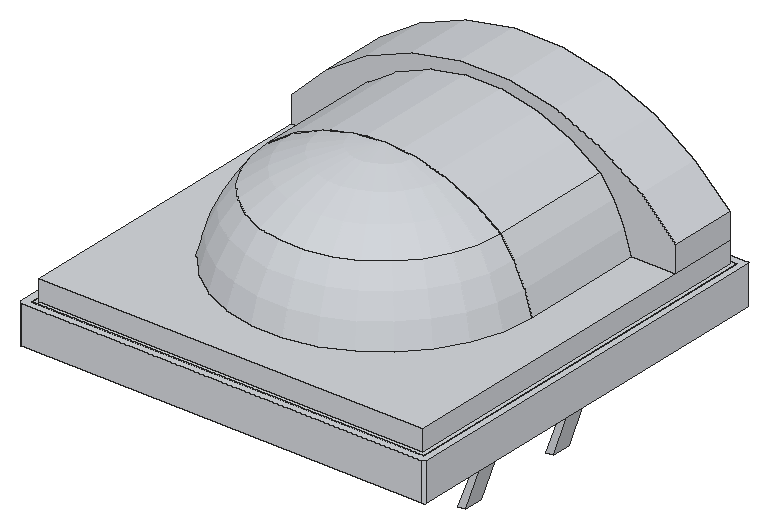
Revit family "Gira_537503", category Electrical Fixtures, host Face, Revit 2017
Family settings
  Host = Face
  Maintain Annotation Orientation = Yes
  Round Connector Dimension = Use Diameter
  Part Type = Normal
  Cut with Voids When Loaded = No
  Shared = No
  Room Calculation Point = No
Parameters (values of type "S3000 Beweg.m.aufs. 2,20 m Standard System 55 Reinweiß")
  Werkstoffgüte = "sonstige"
  Werkstoff = "sonstige"
  Vernetzbar = "No"
  Unterkriechschutz/Rückfeldüberwachung = "No"
  URL = "http://katalog.gira.de/de_DE/datenblatt.html?artikelnr=537503"
  Treppenhausüberwachung = "Yes"
  Tierschneise = "No"
  Teach-Funktion für Ansprechhelligkeit = "No"
  Region = "DE"
  RAL-Nummer (ähnlich) = "9010 "
  Name = "S3000 Beweg.m.aufs. 2,20 m Standard System 55 Reinweiß"
  Montagehöhe = "2,2 m"
  Montageart = "unter Putz"
  Max. Reichweite zu einer Seite = "3 m"
  Max. Reichweite frontal = "12 m"
  Max. Einschaltdauer = "120 s"
  Manufacturer URL = "https://www.gira.de/"
  Konstantlichtregelung = "No"
  Keynote = "Bewegungsmelder_2,20m"
  HeinzeBIM = "https://bimportal.heinze.de/bim/s3000-beweg-m-aufs-2-20-m-standard-system-55-reinweiss/e23ca67f1e0fbd2a4954b81b021c0205fb3cc433"
  Halogenfrei = "Yes"
  HLK-Ansteuerung = "No"
  HAN = "537503"
  Geeignet für drahtlose Übertragung = "No"
  Geeignet für Schutzart (IP) = "IP20"
  GTIN = "4010337051145"
  Farbe = "weiß"
  Erfassungswinkel horizontal = "1 - 180"
  Default Elevation = 1219.2 mm
  Data sheet (1) = "https://katalog.gira.de/de_DE/download.html?artikelnr=537503"
  Category = "Bewegungsmelder-Sensor"
  Available = "Yes"
  Ausführung = "Bewegungsmelder"
  Ansprechhelligkeit einstellbar = "No"
  Ansprechempfindlichkeit einstellbar = "Yes"
Reference planes
  plane 1 "Center (Front/Back)": y = 0
  plane 2: z = 0
  plane 3 "Center (Left/Right)": x = 0
Forms (mm)
  Extrusion 1, solid, detail levels fine
    sketch origin (0, 0, 0) x (1, 0, 0) y (0, 0, 1)
      loop
        line (-33.25, 14.602) -> (-33.25, 10.1) -> (33.25, 10.1) -> (33.25, 14.602)
        arc (33.25, 14.602) -> (0, 30.256) -> (-33.25, 14.602) r 43.139
    from -33.25 to -21.609
  Extrusion 2, solid, detail levels fine
    sketch origin (0, 0, 0) x (1, 0, 0) y (0, 1, 0)
      loop
        line (-33.25, 33.25) -> (-33.25, -33.25) -> (33.25, -33.25) -> (33.25, 33.25) -> (-33.25, 33.25)
    from 6.6 to 10.1
  Extrusion 3, solid, detail levels fine
    sketch origin (0, 0, 0) x (1, 0, 0) y (0, 0, 1)
      loop
        arc (20.138, 21.225) -> (0, 28.457) -> (-20.138, 21.225) r 31.652
        arc (-20.138, 21.225) -> (-23.48, 15.984) -> (-25.486, 10.1) r 26.053
        line (-25.486, 10.1) -> (25.486, 10.1)
        arc (25.486, 10.1) -> (23.48, 15.984) -> (20.138, 21.225) r 26.053
    from -21.609 to 0
  Revolve 4, solid, detail levels fine
    sketch origin (0, 0, 0) x (1, 0, 0) y (0, 0, 1)
      loop
        arc (0, 28.457) -> (-10.699, 26.594) -> (-20.138, 21.225) r 31.652
        arc (-20.138, 21.225) -> (-23.48, 15.984) -> (-25.486, 10.1) r 26.053
        line (-25.486, 10.1) -> (0, 10.1) -> (0, 28.457)
      axis (0, 28.457) -> (0, 10.1)
    angle from -180 to 0
  Extrusion 5, solid, detail levels fine
    sketch origin (0, 0, 0) x (1, 0, 0) y (0, 1, 0)
      loop
        spline (-34.7, 35.2) -> (-34.765, 35.196) -> (-34.829, 35.183) -> (-34.891, 35.162) -> (-34.95, 35.133) -> (-35.004, 35.097) -> (-35.054, 35.054) -> (-35.097, 35.004) -> (-35.133, 34.95) -> (-35.162, 34.891) -> (-35.183, 34.829) -> (-35.196, 34.765) -> (-35.2, 34.7)
        line (-35.2, 34.7) -> (-35.2, -34.7)
        spline (-35.2, -34.7) -> (-35.196, -34.765) -> (-35.183, -34.829) -> (-35.162, -34.891) -> (-35.133, -34.95) -> (-35.097, -35.004) -> (-35.054, -35.054) -> (-35.004, -35.097) -> (-34.95, -35.133) -> (-34.891, -35.162) -> (-34.829, -35.183) -> (-34.765, -35.196) -> (-34.7, -35.2)
        line (-34.7, -35.2) -> (34.7, -35.2)
        spline (34.7, -35.2) -> (34.765, -35.196) -> (34.829, -35.183) -> (34.891, -35.162) -> (34.95, -35.133) -> (35.004, -35.097) -> (35.054, -35.054) -> (35.097, -35.004) -> (35.133, -34.95) -> (35.162, -34.891) -> (35.183, -34.829) -> (35.196, -34.765) -> (35.2, -34.7)
        line (35.2, -34.7) -> (35.2, 34.7)
        spline (35.2, 34.7) -> (35.196, 34.765) -> (35.183, 34.829) -> (35.162, 34.891) -> (35.133, 34.95) -> (35.097, 35.004) -> (35.054, 35.054) -> (35.004, 35.097) -> (34.95, 35.133) -> (34.891, 35.162) -> (34.829, 35.183) -> (34.765, 35.196) -> (34.7, 35.2)
        line (34.7, 35.2) -> (-34.7, 35.2)
      loop
        line (-33.986, 33.986) -> (-33.986, -33.986) -> (33.986, -33.986) -> (33.986, 33.986) -> (-33.986, 33.986)
    from 0 to 6.6
  Extrusion 6, solid, detail levels fine
    sketch origin (0, 0, 0) x (1, 0, 0) y (0, 1, 0)
      loop
        line (-33.986, 33.986) -> (-33.986, -33.986) -> (33.986, -33.986) -> (33.986, 33.986) -> (-33.986, 33.986)
    from 5 to 6.6
  Extrusion 7, solid
    sketch origin (0, 0, 0) x (1, 0, 0) y (0, 1, 0)
      loop
        line (-23.656, 22.752) -> (-23.656, -22.748)
        arc (-23.656, -22.748) -> (-23.409, -23.369) -> (-22.801, -23.65) r 0.904
        line (-22.801, -23.65) -> (22.796, -23.65)
        arc (22.796, -23.65) -> (23.404, -23.369) -> (23.656, -22.748) r 0.904
        line (23.656, -22.748) -> (23.652, 22.752)
        arc (23.652, 22.752) -> (23.404, 23.374) -> (22.796, 23.655) r 0.904
        line (22.796, 23.655) -> (-22.801, 23.655)
        arc (-22.801, 23.655) -> (-23.409, 23.374) -> (-23.656, 22.752) r 0.904
    from -3.2 to 5
  Extrusion 8, solid, detail levels fine
    sketch origin (0, 0, 0) x (1, 0, 0) y (0, 1, 0)
      loop
        line (-27.334, -25) -> (-26.366, -25) -> (-26.366, 26.298) -> (26.366, 26.298) -> (26.366, -25) -> (27.334, -25) -> (27.334, 27.402) -> (-27.334, 27.402) -> (-27.334, -25)
    from -1.1 to 5
  Extrusion 9, solid, detail levels fine
    sketch origin (0, 0, 0) x (1, 0, 0) y (0, 1, 0)
      loop
        line (-5.141, 20.682) -> (-5.141, 15.098)
        spline (-5.141, 15.098) -> (-5.133, 14.968) -> (-5.107, 14.84) -> (-5.065, 14.716) -> (-5.007, 14.599) -> (-4.935, 14.49) -> (-4.849, 14.391) -> (-4.75, 14.305) -> (-4.641, 14.233) -> (-4.524, 14.175) -> (-4.4, 14.133) -> (-4.272, 14.107) -> (-4.142, 14.099)
        line (-4.142, 14.099) -> (4.142, 14.099)
        spline (4.142, 14.099) -> (4.272, 14.107) -> (4.4, 14.133) -> (4.524, 14.175) -> (4.641, 14.233) -> (4.75, 14.305) -> (4.849, 14.391) -> (4.935, 14.49) -> (5.007, 14.599) -> (5.065, 14.716) -> (5.107, 14.84) -> (5.133, 14.968) -> (5.141, 15.098)
        line (5.141, 15.098) -> (5.141, 20.682)
        spline (5.141, 20.682) -> (5.133, 20.812) -> (5.107, 20.94) -> (5.065, 21.064) -> (5.007, 21.181) -> (4.935, 21.29) -> (4.849, 21.389) -> (4.75, 21.475) -> (4.641, 21.547) -> (4.524, 21.605) -> (4.4, 21.647) -> (4.272, 21.673) -> (4.142, 21.681)
        line (4.142, 21.681) -> (-4.142, 21.681)
        spline (-4.142, 21.681) -> (-4.272, 21.673) -> (-4.4, 21.647) -> (-4.524, 21.605) -> (-4.641, 21.547) -> (-4.75, 21.475) -> (-4.849, 21.389) -> (-4.935, 21.29) -> (-5.007, 21.181) -> (-5.065, 21.064) -> (-5.107, 20.94) -> (-5.133, 20.812) -> (-5.141, 20.682)
    from -19.6 to -3.2
  Extrusion 10, solid, detail levels fine
    sketch origin (0, 0, 0) x (1, 0, 0) y (0, 0, 1)
      loop
        line (-24.966, -3.825) -> (-25.395, -8.726) -> (-23.048, -15.543) -> (-21.665, -15.713) -> (-24.338, -8.563) -> (-23.422, -1.1) -> (-25.014, -1.1) -> (-24.966, -3.825)
      loop
        line (24.966, -3.825) -> (25.014, -1.1) -> (23.422, -1.1) -> (24.338, -8.563) -> (21.665, -15.713) -> (23.048, -15.543) -> (25.395, -8.726) -> (24.966, -3.825)
    from -11.1 to -7.9
  Extrusion 11, solid, detail levels fine
    sketch origin (0, 0, 0) x (1, 0, 0) y (0, 0, -1)
      loop
        line (-24.966, 3.825) -> (-25.014, 1.1) -> (-23.422, 1.1) -> (-24.338, 8.563) -> (-21.665, 15.713) -> (-23.048, 15.543) -> (-25.395, 8.726) -> (-24.966, 3.825)
      loop
        line (24.966, 3.825) -> (25.395, 8.726) -> (23.048, 15.543) -> (21.665, 15.713) -> (24.338, 8.563) -> (23.422, 1.1) -> (25.014, 1.1) -> (24.966, 3.825)
    from -11.1 to -7.9
  Extrusion 12, solid
    sketch origin (0, 0, 0) x (1, 0, 0) y (0, 1, 0)
      loop
        line (-23.656, 22.752) -> (-23.656, -22.748)
        arc (-23.656, -22.748) -> (-23.409, -23.369) -> (-22.801, -23.65) r 0.904
        line (-22.801, -23.65) -> (22.796, -23.65)
        arc (22.796, -23.65) -> (23.404, -23.369) -> (23.656, -22.748) r 0.904
        line (23.656, -22.748) -> (23.652, 22.752)
        arc (23.652, 22.752) -> (23.404, 23.374) -> (22.796, 23.655) r 0.904
        line (22.796, 23.655) -> (-22.801, 23.655)
        arc (-22.801, 23.655) -> (-23.409, 23.374) -> (-23.656, 22.752) r 0.904
    from -3.2 to 5
  Extrusion 13, solid, detail levels medium
    sketch origin (0, 0, 0) x (1, 0, 0) y (0, 1, 0)
      loop
        line (-35.2, 35.2) -> (-35.2, -35.2) -> (35.2, -35.2) -> (35.2, 35.2) -> (-35.2, 35.2)
    from 0 to 6.6
  Extrusion 14, solid, detail levels medium
    sketch origin (0, 0, 0) x (1, 0, 0) y (0, 1, 0)
      loop
        line (-33.25, 33.25) -> (-33.25, -33.25) -> (33.25, -33.25) -> (33.25, 33.25) -> (-33.25, 33.25)
    from 6.6 to 30.256
  Extrusion 15, solid, detail levels medium
    sketch origin (0, 0, 0) x (1, 0, 0) y (0, 1, 0)
      loop
        line (-23.656, 23.655) -> (-23.656, -23.65) -> (23.656, -23.65) -> (23.656, 23.655) -> (-23.656, 23.655)
    from -3.2 to 5
  Extrusion 16, solid, detail levels medium
    sketch origin (0, 0, 0) x (1, 0, 0) y (0, 0, 1)
      loop
        line (-25.014, -1.1) -> (-25.014, -15.713) -> (-21.665, -15.713) -> (-21.665, -1.1) -> (-25.014, -1.1)
      loop
        line (25.014, -1.1) -> (21.665, -1.1) -> (21.665, -15.713) -> (25.014, -15.713) -> (25.014, -1.1)
    from -11.1 to -7.9
  Extrusion 17, solid, detail levels medium
    sketch origin (0, 0, 0) x (1, 0, 0) y (0, 0, -1)
      loop
        line (-25.014, 1.1) -> (-21.665, 1.1) -> (-21.665, 15.713) -> (-25.014, 15.713) -> (-25.014, 1.1)
      loop
        line (25.014, 1.1) -> (25.014, 15.713) -> (21.665, 15.713) -> (21.665, 1.1) -> (25.014, 1.1)
    from -11.1 to -7.9
  Extrusion 18, solid, detail levels medium
    sketch origin (0, 0, 0) x (1, 0, 0) y (0, 1, 0)
      loop
        line (-5.141, 14.099) -> (5.141, 14.099) -> (5.141, 21.681) -> (-5.141, 21.681) -> (-5.141, 14.099)
    from -19.6 to -3.2
  Extrusion 19, solid, detail levels coarse
    sketch origin (0, 0, 0) x (1, 0, 0) y (0, 1, 0)
      loop
        line (-35.2, 35.2) -> (-35.2, -35.2) -> (35.2, -35.2) -> (35.2, 35.2) -> (-35.2, 35.2)
    from -19.6 to 30.256
Dimensions and locks
  aligned and locked: plane 2 to host face
  aligned and locked: level to host face
  aligned and locked: nested 1 to plane 3 "Center (Left/Right)"
  aligned and locked: plane 1 "Center (Front/Back)" to nested 1
Nested families
  nested 1: "Belegungssensor - Bewegung - Aufputz - Beschriftung" at (0, 0, 0) x (0, -1, 0) z (0, 0, 1), type "Belegungssensor - Bewegung - Aufputz - Beschriftung"
Connectors
  electrical at (0, 0, -19.6)
    settings: on Extrusion 19, index 1, voltage 220 V, apparent load 0 VA, apparent load phase1 0 VA, apparent load phase2 0 VA, apparent load phase3 0 VA, power factor 1, load classification "Other", number of poles 1, system type 30, power factor state 1, is connector primary yes, connector utility no, sub classification motor no, connector description ""
Definition of nested family "Belegungssensor - Bewegung - Aufputz - Beschriftung"
  Reference planes
    plane 1: y = 0
    plane 2: x = 0
  Lines and regions (mm)
    Filled region 1, type "Gefüllter Bereich 1"
      outline origin (143.425, -20.712, 0) x (1, 0, 0) y (0, 1, 0)
        loop
          line (-148.697, 21.204) -> (-148.697, 20.409) -> (-147.583, 20.807) -> (-148.697, 21.204)
    Filled region 2, type "Gefüllter Bereich 1"
      outline origin (141.808, 30.001, 0) x (0.939693, 0.34202, 0) y (-0.34202, 0.939693, 0)
        loop
          line (-148.694, 21.203) -> (-148.694, 20.41) -> (-147.583, 20.807) -> (-148.694, 21.203)
    Filled region 3, type "Gefüllter Bereich 1"
      outline origin (141.819, -29.825, 0) x (-0.34202, -0.939693, 0) y (0.939693, -0.34202, 0)
        loop
          line (21.204, -148.697) -> (20.807, -147.583) -> (20.409, -148.697) -> (21.204, -148.697)
    detail lines
      curve 1: line (-1.207, 0.095, 0) -> (-3.486, 1.411, 0)
      curve 2: line (-1.207, 0.095, 0) -> (-3.486, -1.221, 0)
      curve 5: arc (-3.252, 1.752, 0) -> (-3.839, 0.095, 0) -> (-3.252, -1.562, 0) r 2.632
      curve 6: line (-6, 3, 0) -> (0, 3, 0)
      curve 7: line (-6, -3, 0) -> (-6, 3, 0)
      curve 8: line (0, -3, 0) -> (-6, -3, 0)
      curve 9: line (0, 3, 0) -> (0, -3, 0)
    reference lines
      curve 3: line (-1.207, 0.095, 0) -> (-3.616, 2.046, 0)
      curve 4: line (-1.207, 0.095, 0) -> (-3.616, -1.856, 0)
  Dimensions and locks
    curve 1 to curve 1 = 2.632 mm
    curve 2 to curve 2 = 2.632 mm
    curve 6 to curve 8 = 6 mm
    curve 7 to curve 9 = 6 mm
    angle curve 1 to curve 2 = 60.00°
    aligned and locked: curve 6 to curve 7
    aligned and locked: curve 9 to curve 9
